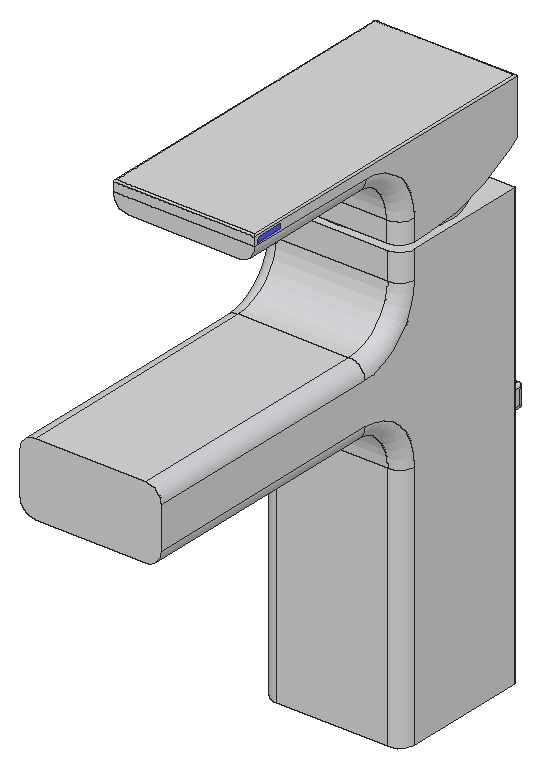
Revit family "Faucet-Lavatory-KOHLER-STRAYT-K-37327T_1", category Plumbing Fixtures, host Face, Revit 2017 (continued)
Definition of nested family "K-37327T"
  Lines and regions (in)
    symbolic lines, visible <- "K-37327T-4DPW", detail levels medium+fine
      curve 1461: arc (-0.16966, -2.27318, 0) -> (-0.17901, -2.26019, 0) -> (-0.17021, -2.24683, 0) r 0.0141
      curve 1462: arc (-0.02912, -2.29502, 0) -> (-0.04197, -2.31044, 0) -> (-0.062, -2.3117, 0) r 0.02538
      curve 1463: line (-0.31182, -2.33, 0) -> (-0.33838, -2.41958, 0)
      curve 1464: line (-0.47947, -2.37138, 0) -> (-0.33207, -2.31163, 0)
      curve 1465: line (-0.37126, -2.43626, 0) -> (-0.47892, -2.39774, 0)
      curve 1466: arc (-0.33207, -2.31163, 0) -> (-0.31617, -2.31445, 0) -> (-0.31182, -2.33, 0) r 0.01517
      curve 1467: arc (-0.47892, -2.39774, 0) -> (-0.48827, -2.38475, 0) -> (-0.47947, -2.37138, 0) r 0.0141
      curve 1468: arc (-0.33838, -2.41958, 0) -> (-0.35123, -2.435, 0) -> (-0.37126, -2.43626, 0) r 0.02538
      curve 1469: line (-0.11, -2.50641, 0) -> (-0.06256, -2.40881, 0)
      curve 1470: line (-0.06379, -2.37413, 0) -> (-0.08249, -2.34175, 0)
      curve 1471: line (-0.11192, -2.33956, 0) -> (-0.20127, -2.45195, 0)
      curve 1472: line (-0.19419, -2.48915, 0) -> (-0.14541, -2.51727, 0)
      curve 1473: arc (-0.14541, -2.51727, 0) -> (-0.12534, -2.51954, 0) -> (-0.11, -2.50641, 0) r 0.02532
      curve 1474: arc (-0.06256, -2.40881, 0) -> (-0.05886, -2.39132, 0) -> (-0.06379, -2.37413, 0) r 0.03701
      curve 1475: arc (-0.08249, -2.34175, 0) -> (-0.09663, -2.33287, 0) -> (-0.11192, -2.33956, 0) r 0.01785
      curve 1476: arc (-0.20127, -2.45195, 0) -> (-0.20625, -2.47218, 0) -> (-0.19419, -2.48915, 0) r 0.02499
      curve 1477: line (0.26083, -2.03028, 0) -> (0.23327, -2.182, 0)
      curve 1478: line (0.09785, -2.01879, 0) -> (0.19184, -1.97544, 0)
      curve 1479: line (0.03725, -2.17962, 0) -> (0.0782, -2.04149, 0)
      curve 1480: line (0.20705, -2.20893, 0) -> (0.09211, -2.23301, 0)
      curve 1481: arc (0.23327, -2.182, 0) -> (0.22427, -2.19947, 0) -> (0.20705, -2.20893, 0) r 0.03366
      curve 1482: arc (0.09211, -2.23301, 0) -> (0.07488, -2.23158, 0) -> (0.06123, -2.22097, 0) r 0.03032
      curve 1483: arc (0.06123, -2.22097, 0) -> (0.04663, -2.20181, 0) -> (0.03725, -2.17962, 0) r 0.09602
      curve 1484: arc (0.26083, -2.03028, 0) -> (0.23022, -1.99797, 0) -> (0.19184, -1.97544, 0) r 0.15851
      curve 1485: arc (0.0782, -2.04149, 0) -> (0.08557, -2.02802, 0) -> (0.09785, -2.01879, 0) r 0.03639
      curve 1486: line (-0.30246, -2.00226, 0) -> (-0.32826, -2.08931, 0)
      curve 1487: line (-0.46644, -2.04216, 0) -> (-0.3227, -1.98388, 0)
      curve 1488: line (-0.36114, -2.10599, 0) -> (-0.46589, -2.06851, 0)
      curve 1489: arc (-0.3227, -1.98388, 0) -> (-0.30681, -1.98671, 0) -> (-0.30246, -2.00226, 0) r 0.01517
      curve 1490: arc (-0.46589, -2.06851, 0) -> (-0.47524, -2.05552, 0) -> (-0.46644, -2.04216, 0) r 0.0141
      curve 1491: arc (-0.32826, -2.08931, 0) -> (-0.34111, -2.10473, 0) -> (-0.36114, -2.10599, 0) r 0.02538
      curve 1492: line (0.2476, -1.59364, 0) -> (0.22104, -1.68323, 0)
      curve 1493: line (0.07995, -1.63503, 0) -> (0.22736, -1.57527, 0)
      curve 1494: line (0.18816, -1.69991, 0) -> (0.0805, -1.66138, 0)
      curve 1495: arc (0.22736, -1.57527, 0) -> (0.24325, -1.5781, 0) -> (0.2476, -1.59364, 0) r 0.01517
      curve 1496: arc (0.0805, -1.66138, 0) -> (0.07115, -1.64839, 0) -> (0.07995, -1.63503, 0) r 0.0141
      curve 1497: arc (0.22104, -1.68323, 0) -> (0.20819, -1.69865, 0) -> (0.18816, -1.69991, 0) r 0.02538
      curve 1498: line (0.04349, -1.52061, 0) -> (0.01693, -1.61019, 0)
      curve 1499: line (-0.12416, -1.56199, 0) -> (0.02324, -1.50223, 0)
      curve 1500: line (-0.01595, -1.62687, 0) -> (-0.12361, -1.58834, 0)
      curve 1501: arc (0.02324, -1.50223, 0) -> (0.03914, -1.50506, 0) -> (0.04349, -1.52061, 0) r 0.01517
      curve 1502: arc (-0.12361, -1.58834, 0) -> (-0.13296, -1.57536, 0) -> (-0.12416, -1.56199, 0) r 0.0141
      curve 1503: arc (0.01693, -1.61019, 0) -> (0.00408, -1.62561, 0) -> (-0.01595, -1.62687, 0) r 0.02538
      curve 1504: line (0.34835, -2.31801, 0) -> (0.4005, -2.14209, 0)
      curve 1505: line (0.55158, -2.11244, 0) -> (0.47152, -2.27712, 0)
      curve 1506: line (0.44881, -2.29938, 0) -> (0.36922, -2.33608, 0)
      curve 1507: line (0.42399, -2.1162, 0) -> (0.51906, -2.07766, 0)
      curve 1508: arc (0.51906, -2.07766, 0) -> (0.54727, -2.08387, 0) -> (0.55158, -2.11244, 0) r 0.0255
      curve 1509: arc (0.4005, -2.14209, 0) -> (0.40929, -2.12646, 0) -> (0.42399, -2.1162, 0) r 0.0403
      curve 1510: arc (0.47152, -2.27712, 0) -> (0.46209, -2.29021, 0) -> (0.44881, -2.29938, 0) r 0.04727
      curve 1511: arc (0.36922, -2.33608, 0) -> (0.35296, -2.33378, 0) -> (0.34835, -2.31801, 0) r 0.01515
      curve 1512: line (0.67832, -2.17827, 0) -> (0.59068, -2.28049, 0)
      curve 1513: line (0.54983, -2.26104, 0) -> (0.57712, -2.11085, 0)
      curve 1514: line (0.61476, -2.09669, 0) -> (0.67511, -2.14467, 0)
      curve 1515: arc (0.67511, -2.14467, 0) -> (0.68386, -2.16078, 0) -> (0.67832, -2.17827, 0) r 0.02344
      curve 1516: arc (0.57712, -2.11085, 0) -> (0.59193, -2.0931, 0) -> (0.61476, -2.09669, 0) r 0.02344
      curve 1517: arc (0.59068, -2.28049, 0) -> (0.56282, -2.2864, 0) -> (0.54983, -2.26104, 0) r 0.02344
      curve 1518: line (0.30282, -2.05117, 0) -> (0.37278, -2.1131, 0)
      curve 1519: line (0.26948, -2.2206, 0) -> (0.27761, -2.06176, 0)
      curve 1520: line (0.37401, -2.14995, 0) -> (0.29359, -2.23125, 0)
      curve 1521: arc (0.27761, -2.06176, 0) -> (0.28689, -2.04855, 0) -> (0.30282, -2.05117, 0) r 0.01517
      curve 1522: arc (0.29359, -2.23125, 0) -> (0.27787, -2.23423, 0) -> (0.26948, -2.2206, 0) r 0.0141
      curve 1523: arc (0.37278, -2.1131, 0) -> (0.38133, -2.13126, 0) -> (0.37401, -2.14995, 0) r 0.02538
      curve 1524: line (0.75205, -1.87418, 0) -> (0.67187, -1.82213, 0)
      curve 1525: line (0.78156, -1.80083, 0) -> (0.78156, -1.85816, 0)
      curve 1526: line (0.67651, -1.79825, 0) -> (0.75899, -1.78222, 0)
      curve 1527: arc (0.78156, -1.85816, 0) -> (0.77157, -1.87495, 0) -> (0.75205, -1.87418, 0) r 0.01911
      curve 1528: arc (0.75899, -1.78222, 0) -> (0.77466, -1.7862, 0) -> (0.78156, -1.80083, 0) r 0.01895
      curve 1529: arc (0.67187, -1.82213, 0) -> (0.66613, -1.80862, 0) -> (0.67651, -1.79825, 0) r 0.01312
      curve 1530: line (0.75205, -1.75752, 0) -> (0.65234, -1.69278, 0)
      curve 1531: line (0.78156, -1.66768, 0) -> (0.78156, -1.74149, 0)
      curve 1532: line (0.65698, -1.6689, 0) -> (0.75899, -1.64908, 0)
      curve 1533: arc (0.78156, -1.74149, 0) -> (0.77157, -1.75828, 0) -> (0.75205, -1.75752, 0) r 0.01911
      curve 1534: arc (0.75899, -1.64908, 0) -> (0.77466, -1.65306, 0) -> (0.78156, -1.66768, 0) r 0.01895
      curve 1535: arc (0.65234, -1.69278, 0) -> (0.6466, -1.67928, 0) -> (0.65698, -1.6689, 0) r 0.01312
      curve 1536: line (-0.17243, -1.15669, 0) -> (-0.2792, -1.06301, 0)
      curve 1537: line (-0.31559, -1.0581, 0) -> (-0.4305, -1.1139, 0)
      curve 1538: line (-0.44667, -1.14436, 0) -> (-0.42867, -1.2697, 0)
      curve 1539: line (-0.33793, -1.31498, 0) -> (-0.21666, -1.27344, 0)
      curve 1540: line (-0.19243, -1.25109, 0) -> (-0.16527, -1.18868, 0)
      curve 1541: line (-0.41058, -1.29414, 0) -> (-0.36996, -1.31323, 0)
      curve 1542: arc (-0.16527, -1.18868, 0) -> (-0.16363, -1.17152, 0) -> (-0.17243, -1.15669, 0) r 0.0278
      curve 1543: arc (-0.2792, -1.06301, 0) -> (-0.29665, -1.05506, 0) -> (-0.31559, -1.0581, 0) r 0.03319
      curve 1544: arc (-0.4305, -1.1139, 0) -> (-0.44355, -1.12649, 0) -> (-0.44667, -1.14436, 0) r 0.02924
      curve 1545: arc (-0.42867, -1.2697, 0) -> (-0.42271, -1.2842, 0) -> (-0.41058, -1.29414, 0) r 0.03205
      curve 1546: arc (-0.36996, -1.31323, 0) -> (-0.35412, -1.31722, 0) -> (-0.33793, -1.31498, 0) r 0.04276
      curve 1547: arc (-0.21666, -1.27344, 0) -> (-0.20219, -1.26482, 0) -> (-0.19243, -1.25109, 0) r 0.04086
      curve 1548: line (0.50055, -1.15669, 0) -> (0.60732, -1.06301, 0)
      curve 1549: line (0.64371, -1.0581, 0) -> (0.75862, -1.1139, 0)
      curve 1550: line (0.7748, -1.14436, 0) -> (0.75679, -1.2697, 0)
      curve 1551: line (0.66605, -1.31498, 0) -> (0.54478, -1.27344, 0)
      curve 1552: line (0.52055, -1.25109, 0) -> (0.4934, -1.18868, 0)
      curve 1553: line (0.7387, -1.29414, 0) -> (0.69809, -1.31323, 0)
      curve 1554: arc (0.4934, -1.18868, 0) -> (0.49176, -1.17152, 0) -> (0.50055, -1.15669, 0) r 0.0278
      curve 1555: arc (0.60732, -1.06301, 0) -> (0.62478, -1.05506, 0) -> (0.64371, -1.0581, 0) r 0.03319
      curve 1556: arc (0.75862, -1.1139, 0) -> (0.77168, -1.12649, 0) -> (0.7748, -1.14436, 0) r 0.02924
      curve 1557: arc (0.75679, -1.2697, 0) -> (0.75083, -1.2842, 0) -> (0.7387, -1.29414, 0) r 0.03205
      curve 1558: arc (0.69809, -1.31323, 0) -> (0.68224, -1.31722, 0) -> (0.66605, -1.31498, 0) r 0.04276
      curve 1559: arc (0.54478, -1.27344, 0) -> (0.53031, -1.26482, 0) -> (0.52055, -1.25109, 0) r 0.04086
      curve 1560: line (0.0767, -1.26218, 0) -> (0.14563, -1.13553, 0)
      curve 1561: line (-0.07573, -1.22195, 0) -> (0.0366, -1.27524, 0)
      curve 1562: line (0.12168, -1.10183, 0) -> (-0.06312, -1.13228, 0)
      curve 1563: arc (0.0366, -1.27524, 0) -> (0.05925, -1.27669, 0) -> (0.0767, -1.26218, 0) r 0.03068
      curve 1564: arc (-0.06312, -1.13228, 0) -> (-0.10238, -1.17248, 0) -> (-0.07573, -1.22195, 0) r 0.04744
      curve 1565: arc (0.14563, -1.13553, 0) -> (0.14417, -1.1112, 0) -> (0.12168, -1.10183, 0) r 0.02301
      curve 1566: line (-0.65741, -1.12384, 0) -> (-0.75739, -1.07773, 0)
      curve 1567: line (-0.78321, -1.09426, 0) -> (-0.78321, -1.34881, 0)
      curve 1568: line (-0.76107, -1.35451, 0) -> (-0.64862, -1.1506, 0)
      curve 1569: arc (-0.75739, -1.07773, 0) -> (-0.77482, -1.07892, 0) -> (-0.78321, -1.09426, 0) r 0.0182
      curve 1570: arc (-0.64862, -1.1506, 0) -> (-0.64719, -1.1353, 0) -> (-0.65741, -1.12384, 0) r 0.01924
      curve 1571: arc (-0.78321, -1.34881, 0) -> (-0.77435, -1.36024, 0) -> (-0.76107, -1.35451, 0) r 0.0118
      curve 1572: line (0.79213, 0.80384, 0) -> (-0.79213, 0.80384, 0)
      curve 1573: line (-0.79213, 0.80384, 0) -> (-0.79213, -3.15433, 0)
      curve 1574: line (0.79213, -3.15433, 0) -> (0.79213, 0.80384, 0)
      curve 1575: line (-0.79213, -3.15433, 0) -> (0.79213, -3.15433, 0)
  Dimensions and locks (in)
    aligned and locked: plane 2 to level
Types (4): name | Type | Product Page URL | Model | Handle With White  Design | Handle With Red Design | Handle Without Design | Handle Finish
  (no name) | 1 | "https://www.kohler.com.cn/product/K-37327T-4-CP/K-37327T-4-CP/" | "K-37327T-4-CP" | no | no | yes | Kohler-Metal-CP-Polished_Chrome
  4, CP-Polished chrome | 1 | "https://www.kohler.com.cn/product/K-37327T-4-CP/K-37327T-4-CP/" | "K-37327T-4-CP" | no | no | yes | Kohler-Metal-CP-Polished_Chrome
  4DPR, CP-Polished Chrome | 2 | "https://www.kohler.com.cn/product/K-37327T-4DPR-CP/K-37327T-4DPR-CP/" | "K-37327T-4DPR-CP" | no | yes | no | Kohler-Plastic- Red
  4DPW, CP-Polished Chrome | 3 | "https://www.kohler.com.cn/product/K-37327T-4DPW-CP/K-37327T-4DPW-CP/" | "K-37327T-4DPW-CP" | yes | no | no | Kohler-Plastic-0-White
